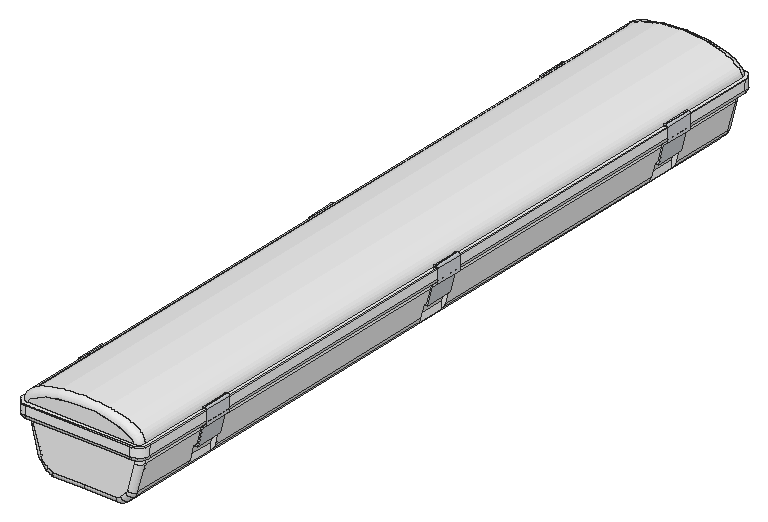
Revit family "0048734 Feilo Sylvania Lighting Fixture SYLPRF SUP LED G3 600MM S 4K QC", category Lighting Fixtures, host Face, Revit 2016
Family settings
  Host = Face
  Part Type = Normal
  Round Connector Dimension = Use Diameter
  OmniClass Number = 23.80.70.11.14
  OmniClass Title = General Luminaries, Directional
  Cut with Voids When Loaded = No
  Light Source = Yes
  Shared = No
  Room Calculation Point = No
Parameters (values of type "0048734 SYLPRF SUP LED G3 600MM S 4K QC  ")
  Width = 110 mm
  Weight = "1.12 kg"
  Wattage Comments = "n/a"
  Wattage = 14 W
  WarrantyStartDate [instance] = "n/a"
  WarrantyGuarantorParts = "n/a"
  WarrantyDurationUnit = "n/a"
  WarrantyDurationParts = "n/a"
  WarrantyDescription = "n/a"
  built-in parameter 1150110 = 1 (stored number, unit not read)
  Voltage = 230 V
  URL = "http://www.sylvania-lighting.com"
  TypeName = "SYLPRF SUP LED G3 600MM S 4K QC"
  Type Image = <None>
  Type Comments = "n/a"
  built-in parameter 1114217 = 1 (stored number, unit not read)
  Tilt Angle = -90.00°
  built-in parameter 1150109 = 1 (stored number, unit not read)
  built-in parameter 1150134 = 12
  built-in parameter 1150113 = 1 (stored number, unit not read)
  SerialNumber [instance] = "n/a"
  ReflectorMaterial = none
  PowerFactor = 0
  PowerConsumption = "14 W"
  Photometric Web File = "0048734.ies"
  NominalWidth = 0 mm
  NominalLength = 665 mm
  NominalHeight = 78 mm
  Name = "SYLPRF SUP LED G3 600MM S 4K QC"
  ModelReference = "SYLPRF SUP LED G3 600MM S 4K QC"
  ModelNumber = "0048734"
  Model = "SYLPRF SUP LED G3 600MM S 4K QC"
  Material = "grp housing, polycarbonate diffuser"
  ManufacturerName = "Feilo Sylvania"
  Manufacturer = "Feilo Sylvania"
  LuminousEfficacy = "130 lm/W"
  built-in parameter 1150105 = 144.83 (stored number, unit not read)
  Lumens = 1820 lm
  LuminaireType = ""
  built-in parameter 1150115 = 1 (stored number, unit not read)
  LightOutputRatio = "n/a"
  built-in parameter 1150137 = (empty or 0)
  built-in parameter 1150139 = (empty or 0)
  Length = 665 mm
  LampsType = Lamp  # "LED"
  LampNominalLuminous = "1850 lm"
  LampMacAdamStep = "3"
  LampColourTemperature = "4000 K"
  LampColourRenderingIndex = "80"
  built-in parameter 1150112 = 1 (stored number, unit not read)
  built-in parameter 1150114 = 1 (stored number, unit not read)
  Lamp = "LED"
  Keynote = "16500"
  InstallationDate [instance] = "n/a"
  InputVoltage = "220-240V~"
  InputNominalFrequency = "50/60 Hz"
  built-in parameter 1150132 = (empty or 0)
  built-in parameter 1150102 = (empty or 0)
  built-in parameter 1150107 = 4000 (stored number, unit not read)
  built-in parameter 1150138 = (empty or 0)
  IngressProtection = "IP65"
  ImpactProtectionIndex = "IK08"
  built-in parameter 1150106 = 1.4483 (stored number, unit not read)
  IfcExportType = "IfcLightFixtureType"
  IfcExportAs = "IfcLightFixtureType"
  ExpectedLife = 50000
  Emit from Rectangle Width = Width - 20 mm  # 90 mm
  Emit from Rectangle Length = Length - 20 mm  # 645 mm
  Emit Shape Visible in Rendering = no
  ElectricShockClassification = "Class I"
  built-in parameter 1150104 = 12.077 (stored number, unit not read)
  DurationUnit = "hours"
  DocumentationLiterature = "http://www.sylvania-lighting.com/product/en-int/products/0048734"
  DimmingControlOptions = "Non dimmable"
  Dimming Lamp Color Temperature Shift = <None>
  DiffuserMaterial = Diffuser-Sylvania-Transparent
  Description = "Sylproof Superia, integrated LED weatherproof luminaire with quick connector, with UV stabilized flat diffuser and linear prisms designed to achieve uniform lit appearance, optimise light output and to reduce glare, stainless steel diffuser clips and fixing brackets for surface and wall mounting. L 665 mm x W 110 mm x H 78 mm size, GRP housing, Polycarbonate diffuser, Non dimmable,   4000K, CRI80,  1850 lm, 14 W, 130 lm/W, nominal average life (h):50000, energy class: A++ A+ A Class I, IK08, IP65."
  Default Elevation = 1219.2 mm
  CreatedOn = "3/27/2018"
  CreatedBy = "aron.fodor@feilosylvania.com"
  Cost = 0
  Color Filter = 16777215
  built-in parameter 1114216 [instance] = (empty or 0)
  ClassificationValue = "EF_70_80"
  ClassificationName = "Uniclass2015"
  BracketOffset_FEILO = 360 mm
  BodyMaterial = Body-Sylvania-Gray
  BarCode [instance] = "n/a"
  built-in parameter 1114218 = 1 (stored number, unit not read)
  built-in parameter 1150133 = 10 (stored number, unit not read)
  AssetType = "Fixed"
  AssetIdentifier [instance] = "n/a"
  Assembly Code = "D5020200"
  Apparent Load = 14 VA
  AccessoryMaterial = Diffuser-Sylvania-Glow
Reference planes
  plane 1 "Center (Front/Back)": y = 0
  plane 2: z = 0
  plane 3 "Center (Left/Right)": x = 0
  plane 4: z = 54
  plane 5: x = -27.7
  plane 6: x = -34.8
  plane 7: x = -39.6
  plane 8: x = -42.2
  plane 9: z = 3
  plane 10: z = 7.8
  plane 11: z = 12.3
  plane 12: z = 36.6
  plane 13: z = 42.8
  plane 14: x = -51.1
  plane 15: z = 46.2
  plane 16: x = -55
  plane 17: y = 332.5
  plane 18: y = -332.5
  plane 19: x = 27.7
  plane 20: x = 34.8
  plane 21: x = 39.6
  plane 22: x = 42.2
  plane 23: x = 51.1
  plane 24: x = 55
  plane 25: y = 324.9
  plane 26: y = -324.9
  plane 27: y = -321.2
  plane 28: y = 321.2
  plane 29: z = 74
  plane 30: x = -51.5
  plane 31: x = 51.5
  plane 32: z = 55.2
  plane 33: y = -329
  plane 34: y = 329
  plane 35: x = -37.5
  plane 36: x = 37.5
  plane 37: x = -48.7
  plane 38: x = 48.7
  plane 39: z = 50.2
  plane 40: z = 24.6
  plane 41: y = 720
  plane 42: y = 706
  plane 43: y = 734
  plane 44: y = 250
  plane 45: y = 236
  plane 46: y = 264
  plane 47: y = 0
  plane 48: y = -14
  plane 49: y = 14
  plane 50: y = -250
  plane 51: y = -264
  plane 52: y = -236
Forms (mm)
  Sweep 1, solid, material "Body-Sylvania-Gray" <- "BodyMaterial", detail levels medium+fine
    path origin (1223.4, -4572, 54) x (0, -1, 0) y (1, 0, 0)
      loop
        arc (-4249.5, -1278.4) -> (-4242.429, -1275.471) -> (-4239.5, -1268.4) r 10
        line (-4239.5, -1268.4) -> (-4239.5, -1178.4)
        arc (-4239.5, -1178.4) -> (-4242.429, -1171.329) -> (-4249.5, -1168.4) r 10
        line (-4249.5, -1168.4) -> (-4894.5, -1168.4)
        arc (-4894.5, -1168.4) -> (-4901.571, -1171.329) -> (-4904.5, -1178.4) r 10
        line (-4904.5, -1178.4) -> (-4904.5, -1268.4)
        arc (-4904.5, -1268.4) -> (-4901.571, -1275.471) -> (-4894.5, -1278.4) r 10
        line (-4894.5, -1278.4) -> (-4249.5, -1278.4)
    profile origin (-55, 0, 54) x (-1, 0, 0) y (0, 0, 1)
      loop
        line (0, 0) -> (-1, 0) -> (-1, -7.726)
        arc (-1, -7.726) -> (-1.994, -9.498) -> (-3.9, -10.2) r 2.937
        line (-3.9, -10.2) -> (-8.571, -10.2) -> (-8.571, -11.2) -> (-3.9, -11.2)
        arc (-3.9, -11.2) -> (-1.313, -10.231) -> (0, -7.8) r 3.937
        line (0, -7.8) -> (0, 0)
  Sweep 2, solid, material "Body-Sylvania-Gray" <- "BodyMaterial", detail levels medium+fine
    path origin (0, 0, 0) x (1, 0, 0) y (0, 0, 1)
      loop
        line (48.7, 42.8) -> (48.7, 36.6) -> (42.203, 12.31)
        arc (42.203, 12.31) -> (41.199, 9.884) -> (39.6, 7.8) r 10.052
        line (39.6, 7.8) -> (34.8, 3)
        arc (34.8, 3) -> (31.554, 0.781) -> (27.7, 0) r 9.902
        line (27.7, 0) -> (0, 0) -> (-27.7, 0)
        arc (-27.7, 0) -> (-31.554, 0.781) -> (-34.8, 3) r 9.902
        line (-34.8, 3) -> (-39.6, 7.8)
        arc (-39.6, 7.8) -> (-41.199, 9.884) -> (-42.203, 12.31) r 10.052
        line (-42.203, 12.31) -> (-48.7, 36.6) -> (-48.7, 42.8)
    profile origin (0, 0, 0) x (0, 0, -1) y (0, -1, 0)
      loop
        arc (0, 319.9) -> (-1.464, 323.436) -> (-5, 324.9) r 5
        line (-5, 324.9) -> (-7.8, 324.9) -> (-7.8, -324.9) -> (-5, -324.9)
        arc (-5, -324.9) -> (-1.464, -323.436) -> (0, -319.9) r 5
        line (0, -319.9) -> (0, 319.9)
  Extrusion 3, solid, material "Body-Sylvania-Gray" <- "BodyMaterial", detail levels medium+fine
    sketch origin (1524, 324.9, 1219.2) x (1, 0, 0) y (0, 0, 1)
      loop
        arc (-1558.668, -1204.874) -> (-1558.443, -1205.418) -> (-1558.085, -1205.885) r 2.252
        line (-1558.085, -1205.885) -> (-1553.231, -1210.738)
        arc (-1553.231, -1210.738) -> (-1552.534, -1211.227) -> (-1551.7, -1211.4) r 2.102
        line (-1551.7, -1211.4) -> (-1496.3, -1211.4)
        arc (-1496.3, -1211.4) -> (-1495.466, -1211.227) -> (-1494.769, -1210.738) r 2.102
        line (-1494.769, -1210.738) -> (-1489.915, -1205.885)
        arc (-1489.915, -1205.885) -> (-1489.557, -1205.418) -> (-1489.332, -1204.874) r 2.252
        line (-1489.332, -1204.874) -> (-1483.1, -1181.575) -> (-1483.1, -1176.4) -> (-1564.9, -1176.4) -> (-1564.9, -1181.575) -> (-1558.668, -1204.874)
    from 0 to 649.8
  Sweep 4, solid, material "Diffuser-Sylvania-Transparent" <- "DiffuserMaterial", detail levels medium+fine
    path origin (0, 0, 0) x (1, 0, 0) y (0, 0, 1)
      loop
        spline (-51.5, 55.2) -> (-49.745, 60.066) -> (-44.6, 64.6) -> (-36.416, 68.494) -> (-25.75, 71.481) -> (-13.329, 73.359) -> (0, 74) -> (13.329, 73.359) -> (25.75, 71.481) -> (36.416, 68.494) -> (44.6, 64.6) -> (49.745, 60.066) -> (51.5, 55.2)
    profile origin (51.5, 0, 55.2) x (0, -1, 0) y (1, 0, 0)
      loop
        arc (329, -5.5) -> (327.389, -1.611) -> (323.5, 0) r 5.5
        line (323.5, 0) -> (-323.5, 0)
        arc (-323.5, 0) -> (-327.389, -1.611) -> (-329, -5.5) r 5.5
        line (-329, -5.5) -> (-329, -6.3) -> (-328, -6.3) -> (-328, -5.5)
        arc (-328, -5.5) -> (-326.682, -2.318) -> (-323.5, -1) r 4.5
        line (-323.5, -1) -> (323.5, -1)
        arc (323.5, -1) -> (326.682, -2.318) -> (328, -5.5) r 4.5
        line (328, -5.5) -> (328, -6.347) -> (329, -6.347) -> (329, -5.5)
  Extrusion 5, solid, material "Diffuser-Sylvania-Transparent" <- "DiffuserMaterial", detail levels medium+fine
    sketch origin (1524, -329, 1219.2) x (1, 0, 0) y (0, 0, 1)
      loop
        line (-1569.653, -1164) -> (-1478.347, -1164)
        spline (-1478.347, -1164) -> (-1478.969, -1162.594) -> (-1482.527, -1159.545) -> (-1489.588, -1156.201) -> (-1499.458, -1153.445) -> (-1511.242, -1151.663) -> (-1524, -1151.049) -> (-1536.758, -1151.663) -> (-1548.542, -1153.445) -> (-1558.412, -1156.201) -> (-1565.473, -1159.545) -> (-1569.031, -1162.594) -> (-1569.653, -1164)
    from 0 to -1
  Extrusion 6, solid, material "Diffuser-Sylvania-Transparent" <- "DiffuserMaterial", detail levels medium+fine
    sketch origin (1524, 329, 1219.2) x (1, 0, 0) y (0, 0, 1)
      loop
        spline (-1478.3, -1164) -> (-1478.931, -1162.565) -> (-1482.502, -1159.505) -> (-1489.572, -1156.155) -> (-1499.446, -1153.394) -> (-1511.236, -1151.614) -> (-1524, -1151.007) -> (-1536.764, -1151.614) -> (-1548.554, -1153.394) -> (-1558.428, -1156.155) -> (-1565.498, -1159.505) -> (-1569.069, -1162.565) -> (-1569.7, -1164)
        line (-1569.7, -1164) -> (-1478.3, -1164)
    from 0 to 1
  Extrusion 7, solid, material "Diffuser-Sylvania-Transparent" <- "DiffuserMaterial", detail levels medium+fine
    sketch origin (1223.4, -4572, 55.2) x (0, -1, 0) y (-1, 0, 0)
      loop
        arc (-4900, 1177.4) -> (-4898.682, 1174.218) -> (-4895.5, 1172.9) r 4.5
        line (-4895.5, 1172.9) -> (-4248.5, 1172.9)
        arc (-4248.5, 1172.9) -> (-4245.318, 1174.218) -> (-4244, 1177.4) r 4.5
        line (-4244, 1177.4) -> (-4244, 1269.4)
        arc (-4244, 1269.4) -> (-4245.318, 1272.582) -> (-4248.5, 1273.9) r 4.5
        line (-4248.5, 1273.9) -> (-4895.5, 1273.9)
        arc (-4895.5, 1273.9) -> (-4898.682, 1272.582) -> (-4900, 1269.4) r 4.5
        line (-4900, 1269.4) -> (-4900, 1177.4)
      loop
        line (-4904.5, 1268.4) -> (-4904.5, 1178.4)
        arc (-4904.5, 1178.4) -> (-4901.571, 1171.329) -> (-4894.5, 1168.4) r 10
        line (-4894.5, 1168.4) -> (-4249.5, 1168.4)
        arc (-4249.5, 1168.4) -> (-4242.429, 1171.329) -> (-4239.5, 1178.4) r 10
        line (-4239.5, 1178.4) -> (-4239.5, 1268.4)
        arc (-4239.5, 1268.4) -> (-4242.429, 1275.471) -> (-4249.5, 1278.4) r 10
        line (-4249.5, 1278.4) -> (-4894.5, 1278.4)
        arc (-4894.5, 1278.4) -> (-4901.571, 1275.471) -> (-4904.5, 1268.4) r 10
    from 0 to 1.2
  Extrusion 8, solid, material "Diffuser-Sylvania-Glow" <- "AccessoryMaterial", detail levels fine
    sketch origin (0, 0, 0) x (1, 0, 0) y (0, 0, 1)
      loop
        circle (0, 50.2) r 8
    from -321.2 to 321.2
  Extrusion 9, solid, material "Body-Sylvania-Gray" <- "BodyMaterial", detail levels coarse
    sketch origin (0, 0, 0) x (1, 0, 0) y (0, 0, 1)
      loop
        line (55, 42.8) -> (55, 55.2) -> (-55, 55.2) -> (-55, 42.791) -> (-42.2, 0) -> (42.2, 0) -> (55, 42.8)
    from -332.5 to 332.5
  Extrusion 10, solid, material "Diffuser-Sylvania-Transparent" <- "DiffuserMaterial", detail levels coarse
    sketch origin (0, 0, 0) x (1, 0, 0) y (0, 0, 1)
      loop
        arc (51.5, 55.2) -> (0, 74) -> (-51.5, 55.2) r 79.939
        line (-51.5, 55.2) -> (51.5, 55.2)
    from 324.9 to -324.9
  Extrusion 11, void, not visible
    sketch origin (0, 720, 2343.807) x (0, 0, -1) y (-1, 0, 0)
      loop
        line (2340.807, -37.5) -> (2331.507, -37.5) -> (2319.207, -42.2) -> (2319.207, -48.7) -> (2340.807, -48.7) -> (2340.807, -37.5)
      loop
        line (2340.807, 37.5) -> (2340.807, 48.7) -> (2319.207, 48.7) -> (2319.207, 42.2) -> (2331.507, 37.5) -> (2340.807, 37.5)
    from -14 to 14
  Extrusion 12, void
    sketch origin (0, 250, 2343.807) x (0, 0, -1) y (-1, 0, 0)
      loop
        line (2340.807, -37.5) -> (2331.507, -37.5) -> (2319.207, -42.2) -> (2319.207, -48.7) -> (2340.807, -48.7) -> (2340.807, -37.5)
      loop
        line (2340.807, 37.5) -> (2340.807, 48.7) -> (2319.207, 48.7) -> (2319.207, 42.2) -> (2331.507, 37.5) -> (2340.807, 37.5)
    from -14 to 14
  Extrusion 13, void
    sketch origin (0, 0, 2343.807) x (0, 0, -1) y (-1, 0, 0)
      loop
        line (2340.807, -37.5) -> (2331.507, -37.5) -> (2319.207, -42.2) -> (2319.207, -48.7) -> (2340.807, -48.7) -> (2340.807, -37.5)
      loop
        line (2340.807, 37.5) -> (2340.807, 48.7) -> (2319.207, 48.7) -> (2319.207, 42.2) -> (2331.507, 37.5) -> (2340.807, 37.5)
    from -14 to 14
  Extrusion 14, void
    sketch origin (0, -250, 2343.807) x (0, 0, -1) y (-1, 0, 0)
      loop
        line (2340.807, -37.5) -> (2331.507, -37.5) -> (2319.207, -42.2) -> (2319.207, -48.7) -> (2340.807, -48.7) -> (2340.807, -37.5)
      loop
        line (2340.807, 37.5) -> (2340.807, 48.7) -> (2319.207, 48.7) -> (2319.207, 42.2) -> (2331.507, 37.5) -> (2340.807, 37.5)
    from -14 to 14
Cuts and joins
  Extrusion 12, Extrusion 13, Extrusion 14 cuts Sweep 2
  Extrusion 12, Extrusion 13, Extrusion 14 cuts Extrusion 3
  joined: Sweep 2, Extrusion 3
  joined: Sweep 4, Extrusion 5, Extrusion 6
Dimensions and locks
  locked: plane 4 to plane 2 at 54
  plane 5 to plane 6 to plane 7 to plane 8 to plane 14 to plane 16 = 7.1 mm locked, 4.8 mm locked, 2.6 mm locked, 8.9 mm, 3.9 mm
  plane 4 to plane 15 to plane 13 to plane 12 to plane 11 to plane 10 to plane 9 = 7.8 mm locked, 3.4 mm, 6.2 mm locked, 24.3 mm locked, 4.5 mm locked, 4.8 mm locked
  equal spacing: plane 18, plane 1 "Center (Front/Back)", plane 17
  "Length": plane 18 to plane 17
  plane 19 to plane 20 to plane 21 to plane 22 to plane 23 to plane 24 = 7.1 mm locked, 4.8 mm locked, 2.6 mm locked, 8.9 mm, 3.9 mm
  equal spacing: plane 24, plane 3 "Center (Left/Right)", plane 16
  "Width": plane 24 to plane 16
  equal spacing: plane 27, plane 1 "Center (Front/Back)", plane 28
  locked: plane 26 to plane 27 at 3.7
  locked: Sweep 1 sketch curve to profile plane at 1
  locked: Sweep 1 sketch curve to plane 13 at 1
  locked: Sweep 1 sketch curve to plane 13 at 3.937  (x2)
  locked: Sweep 1 sketch curve to profile plane at 3.9  (x2)
  locked: plane 29 to plane 4 at 20
  equal spacing: plane 31, plane 3 "Center (Left/Right)", plane 30
  locked: plane 30 to plane 16 at 3.5
  locked: plane 32 to plane 4 at 1.2
  equal spacing: plane 33, plane 1 "Center (Front/Back)", plane 34
  equal spacing: plane 36, plane 3 "Center (Left/Right)", plane 35
  locked: plane 3 "Center (Left/Right)" to plane 35 at 37.5
  locked: plane 34 to plane 17 at 3.5
  equal spacing: plane 38, plane 3 "Center (Left/Right)", plane 37
  locked: plane 37 to plane 16 at 6.3
  equal spacing: plane 25, plane 1 "Center (Front/Back)", plane 26
  locked: plane 17 to plane 25 at 7.6
  locked: Sweep 2 sketch curve to plane 2 at 5  (x2)
  locked: Sweep 2 sketch curve to plane 26 at 5
  locked: plane 25 to Sweep 2 sketch curve at 5
  locked: Sweep 4 sketch curve to plane 31 at 5.5  (x2)
  locked: Sweep 4 sketch curve to plane 34 at 5.5
  plane 33 to Sweep 4 sketch curve = 5.5 mm
  locked: plane 34 to Sweep 4 sketch curve at 1
  locked: Sweep 4 sketch curve to plane 31 at 1
  locked: Sweep 4 sketch curve to Sweep 4 sketch curve at 1
  locked: Sweep 4 sketch curve to plane 31 at 6.347
  locked: Sweep 4 sketch curve to plane 31 at 6.3
  locked: plane 40 to plane 2 at 24.6
  plane 43 to plane 41 to plane 42 = 14 mm locked, 14 mm locked
  plane 46 to plane 44 to plane 45 = 14 mm locked, 14 mm locked
  plane 49 to plane 47 to plane 48 = 14 mm locked, 14 mm locked
  plane 52 to plane 50 to plane 51 = 14 mm locked, 14 mm locked
  equal spacing: plane 44, plane 1 "Center (Front/Back)", plane 50
  locked: plane 44 to plane 1 "Center (Front/Back)" at 250
  aligned and locked: plane 2 to host face
  aligned and locked: level to host face
  aligned and locked: plane 16 to Sweep 1 sketch curve
  aligned and locked: Sweep 1 sketch curve to plane 24
  aligned and locked: plane 18 to Sweep 1 sketch curve
  aligned and locked: Sweep 1 sketch curve to plane 13
  aligned and locked: profile plane to Sweep 1 sketch curve
  aligned and locked: plane 3 "Center (Left/Right)" to Sweep 2 sketch curve
  aligned and locked: plane 9 to Sweep 2 sketch curve
  aligned and locked: plane 10 to Sweep 2 sketch curve
  aligned and locked: plane 37 to Sweep 2 sketch curve
  aligned and locked: plane 12 to Sweep 2 sketch curve
  aligned and locked: Sweep 2 sketch curve to level
  aligned and locked: plane 21 to Sweep 2 sketch curve
  aligned and locked: plane 38 to Sweep 2 sketch curve
  aligned and locked: profile plane to Sweep 2 sketch curve
  aligned and locked: plane 25 to Sweep 2 sketch curve
  aligned and locked: Sweep 2 sketch curve to plane 10
  aligned and locked: Extrusion 3 sketch curve to Sweep 2  (x7)
  aligned and locked: Sweep 2 to Extrusion 3 sketch curve
  aligned and locked: Extrusion 3 to plane 25
  aligned and locked: plane 26 to Extrusion 3
  aligned and locked: plane 32 to Sweep 4 sketch curve
  aligned and locked: plane 33 to Sweep 4 sketch curve
  aligned and locked: Sweep 4 to Extrusion 5
  aligned and locked: plane 33 to Extrusion 5
  aligned and locked: Extrusion 5 sketch curve to Sweep 4
  aligned and locked: cut or joined group of Sweep 4, Extrusion 5, Extrusion 6 to Extrusion 6 sketch curve
  aligned and locked: Extrusion 7 sketch curve to cut or joined group of Sweep 4, Extrusion 5, Extrusion 6  (x2)
  aligned and locked: cut or joined group of Sweep 4, Extrusion 5, Extrusion 6 to Extrusion 7 sketch curve  (x2)
  aligned and locked: plane 39 to Extrusion 8 sketch curve
  aligned and locked: plane 27 to Extrusion 8
  aligned and locked: Extrusion 8 to plane 28
  aligned and locked: Extrusion 7 sketch curve to Sweep 1  (x4)
  aligned and locked: plane 4 to Extrusion 7
  aligned and locked: Extrusion 7 to plane 32
  aligned and locked: Extrusion 9 sketch curve to plane 24
  aligned and locked: Extrusion 9 sketch curve to Extrusion 7
  aligned and locked: plane 8 to Extrusion 9 sketch curve
  aligned and locked: plane 22 to Extrusion 9 sketch curve
  aligned and locked: level to Extrusion 9 sketch curve
  aligned and locked: Extrusion 9 to plane 17
  aligned and locked: plane 18 to Extrusion 9
  aligned and locked: cut or joined group of Sweep 4, Extrusion 5, Extrusion 6 to Extrusion 10 sketch curve
  aligned and locked: Extrusion 10 sketch curve to cut or joined group of Sweep 4, Extrusion 5, Extrusion 6  (x2)
  aligned and locked: plane 31 to Extrusion 10 sketch curve
  aligned and locked: plane 30 to Extrusion 10 sketch curve
  aligned and locked: plane 26 to Extrusion 10
  aligned and locked: Extrusion 10 to plane 25
  aligned and locked: imposter light to plane 29
  aligned and locked: plane 3 "Center (Left/Right)" to imposter light
  aligned and locked: plane 1 "Center (Front/Back)" to imposter light
  aligned and locked: plane 45 to Extrusion 12
  aligned and locked: Extrusion 12 to plane 46
  aligned and locked: plane 48 to Extrusion 13
  aligned and locked: Extrusion 13 to plane 49
  aligned and locked: plane 51 to Extrusion 14
  aligned and locked: Extrusion 14 to plane 52
  aligned and locked: nested 1 to plane 44
  aligned and locked: plane 44 to nested 6
  aligned and locked: nested 2 to plane 47
  aligned and locked: plane 47 to nested 5
  aligned and locked: nested 3 to plane 50
  aligned and locked: plane 50 to nested 4
  aligned and locked: plane 47 to plane 1 "Center (Front/Back)"
  aligned and locked: plane 3 "Center (Left/Right)" to Extrusion 8 sketch curve
Automatic sketch dimensions
  host sketch curve to host sketch curve = 2438.4 mm  (x2)
  plane 17 to Sweep 1 sketch curve = 0 mm
  Sweep 1 sketch curve to plane 28 = 1.3 mm
  Sweep 1 sketch curve to plane 7 = 5.4 mm
  plane 27 to Sweep 1 sketch curve = 1.3 mm  (x2)
  Sweep 1 sketch curve to Sweep 1 sketch curve = 4.671 mm
  Sweep 1 sketch curve to plane 4 = 0 mm
  Sweep 2 sketch curve to plane 7 = 0 mm
  Sweep 2 sketch curve to plane 6 = 0 mm
  Sweep 2 sketch curve to plane 5 = 0 mm
  plane 19 to Sweep 2 sketch curve = 0 mm
  Sweep 2 sketch curve to plane 9 = 0 mm
  plane 20 to Sweep 2 sketch curve = 0 mm
  Sweep 2 sketch curve to plane 12 = 0 mm
  Sweep 2 sketch curve to plane 10 = 0 mm
  Sweep 2 sketch curve to plane 13 = 0 mm  (x2)
  Sweep 2 sketch curve to plane 8 = 0.003 mm
  plane 6 to Sweep 2 sketch curve = 2.308 mm
  plane 20 to Sweep 2 sketch curve = 2.308 mm
  Sweep 2 sketch curve to plane 22 = 0.003 mm
  Sweep 2 sketch curve to plane 11 = 0.01 mm  (x2)
  Extrusion 3 sketch curve to plane 5 = 0 mm
  plane 19 to Extrusion 3 sketch curve = 0 mm
  plane 6 to Extrusion 3 sketch curve = 0.132 mm
  plane 6 to Extrusion 3 sketch curve = 0.715 mm
  Extrusion 3 sketch curve to Extrusion 3 sketch curve = 1.592 mm
  Extrusion 3 sketch curve to plane 10 = 0.662 mm  (x2)
  plane 20 to Extrusion 3 sketch curve = 2.308 mm
  plane 20 to Extrusion 3 sketch curve = 0.715 mm
  plane 20 to Extrusion 3 sketch curve = 0.132 mm
  Sweep 4 sketch curve to plane 30 = 0 mm
  Sweep 4 sketch curve to plane 3 "Center (Left/Right)" = 0 mm
  Sweep 4 sketch curve to Sweep 4 sketch curve = 0 mm  (x2)
  plane 37 to Extrusion 5 sketch curve = 3.047 mm
  Extrusion 5 sketch curve to plane 38 = 3.047 mm
  plane 37 to Extrusion 6 sketch curve = 3 mm
  Extrusion 6 sketch curve to plane 38 = 3 mm
  plane 25 to Extrusion 7 sketch curve = 1.4 mm  (x2)
  Extrusion 7 sketch curve to plane 26 = 1.4 mm  (x2)
  Extrusion 9 sketch curve to plane 13 = 0 mm
  plane 13 to Extrusion 9 sketch curve = 0.009 mm
  Extrusion 10 sketch curve to level = 5.939 mm
  Extrusion 9 sketch curve to plane 16 = 0 mm
  Extrusion 11 sketch curve to Extrusion 11 sketch curve = 0 mm
  Extrusion 11 sketch curve to Extrusion 11 sketch curve = 12.3 mm  (x2)
  Extrusion 11 sketch curve to Extrusion 11 sketch curve = 9.3 mm  (x2)
  Extrusion 11 sketch curve to Extrusion 11 sketch curve = 6.5 mm
  Extrusion 11 sketch curve to Extrusion 11 sketch curve = 4.7 mm  (x2)
  Extrusion 11 sketch curve to Extrusion 11 sketch curve = 75 mm
  Extrusion 11 sketch curve to Extrusion 11 sketch curve = 11.2 mm
  Extrusion 12 sketch curve to Extrusion 12 sketch curve = 0 mm
  Extrusion 12 sketch curve to Extrusion 12 sketch curve = 12.3 mm  (x2)
  Extrusion 12 sketch curve to Extrusion 12 sketch curve = 9.3 mm  (x2)
  Extrusion 12 sketch curve to Extrusion 12 sketch curve = 6.5 mm
  Extrusion 12 sketch curve to Extrusion 12 sketch curve = 4.7 mm  (x2)
  Extrusion 12 sketch curve to Extrusion 12 sketch curve = 75 mm
  Extrusion 12 sketch curve to Extrusion 12 sketch curve = 11.2 mm
  Extrusion 13 sketch curve to Extrusion 13 sketch curve = 0 mm
  Extrusion 13 sketch curve to Extrusion 13 sketch curve = 12.3 mm  (x2)
  Extrusion 13 sketch curve to Extrusion 13 sketch curve = 9.3 mm  (x2)
  Extrusion 13 sketch curve to Extrusion 13 sketch curve = 6.5 mm
  Extrusion 13 sketch curve to Extrusion 13 sketch curve = 4.7 mm  (x2)
  Extrusion 13 sketch curve to Extrusion 13 sketch curve = 75 mm
  Extrusion 13 sketch curve to Extrusion 13 sketch curve = 11.2 mm
  Extrusion 14 sketch curve to Extrusion 14 sketch curve = 0 mm
  Extrusion 14 sketch curve to Extrusion 14 sketch curve = 12.3 mm  (x2)
  Extrusion 14 sketch curve to Extrusion 14 sketch curve = 9.3 mm  (x2)
  Extrusion 14 sketch curve to Extrusion 14 sketch curve = 6.5 mm
  Extrusion 14 sketch curve to Extrusion 14 sketch curve = 4.7 mm  (x2)
  Extrusion 14 sketch curve to Extrusion 14 sketch curve = 75 mm
  Extrusion 14 sketch curve to Extrusion 14 sketch curve = 11.2 mm
  radius of Extrusion 8 sketch curve = 8 mm
Nested families
  nested 1: "Clip" at (-42.2, 250, 24.6) x (-1, 0, 0) z (0, 0, 1), type "Clip", detail levels fine
  nested 2: "Clip" at (-42.2, 0, 24.6) x (-1, 0, 0) z (0, 0, 1), type "Clip", detail levels fine
  nested 3: "Clip" at (-42.2, -250, 24.6) x (-1, 0, 0) z (0, 0, 1), type "Clip", detail levels fine
  nested 4: "Clip" at (42.2, -250, 24.6), type "Clip", detail levels fine
  nested 5: "Clip" at (42.2, 0, 24.6), type "Clip", detail levels fine
  nested 6: "Clip" at (42.2, 250, 24.6), type "Clip", detail levels fine
Connectors
  electrical at (0, 0, 0), driven by "Apparent Load"
    settings: index 1, voltage 230 V, apparent load 14 VA, apparent load phase1 0 VA, apparent load phase2 0 VA, apparent load phase3 0 VA, power factor 0, load classification "Lighting", number of poles 1, system type 30, power factor state 1, is connector primary yes, connector utility no, sub classification motor no, connector description ""
Definition of nested family "Clip"
  Parameters (values of type "Clip")
    URL = "http://www.feilosylvania.com"
    Type Comments = "n/a"
    Model = "n/a"
    Manufacturer = "Feilo Sylvania"
    Keynote = "n/a"
    Description = "n/a"
    Default Elevation = 1219.2 mm
    Cost = 0
    BodyMaterial = none
    Assembly Code = "n/a"
  Reference planes
    plane 1 "Center (Front/Back)": y = 0
    plane 2: z = 0
    plane 3 "Center (Left/Right)": x = 0
    plane 4: x = 3.3
    plane 5: x = 6.5
    plane 6: x = 8.9
    plane 7: x = 12.8
    plane 8: z = 12
    plane 9: z = 18.2
    plane 10: z = 21.6
    plane 11: z = 30.6
    plane 12: x = 9.3
    plane 13: z = 19.2
    plane 14: z = 16.2
    plane 15: x = 10.1
    plane 16: y = 12
    plane 17: y = -12
  Forms (mm)
    Extrusion 1, solid
      sketch origin (-0.8, 0, 0) x (1, 0, 0) y (0, 1, 0)
        loop
          line (-1219.2, 1219.2) -> (-1219.2, -1219.2) -> (1219.2, -1219.2) -> (1219.2, 1219.2) -> (-1219.2, 1219.2)
      from 0 to -304.8
    Extrusion 2, solid
      sketch origin (0, 0, 0) x (1, 0, 0) y (0, 0, 1)
        loop
          line (8.9, 16.2) -> (4.58, 0) -> (0, 0) -> (0, -0.8) -> (5.195, -0.8) -> (9.603, 15.731) -> (13.6, 18.806) -> (13.6, 30.6)
          arc (13.6, 30.6) -> (11.45, 32.75) -> (9.3, 30.6) r 2.15
          line (9.3, 30.6) -> (10.1, 30.6)
          arc (10.1, 30.6) -> (11.45, 31.95) -> (12.8, 30.6) r 1.35
          line (12.8, 30.6) -> (12.8, 19.2) -> (8.9, 16.2)
      from -12 to 12
  Lines and regions (mm)
    reference lines
      curve 1: line (3.3, 0, 0) -> (6.5, 0, 12)
      curve 2: arc (8.9, 0, 18.2) -> (11.488, 0, 19.169) -> (12.8, 0, 21.6) r 3.934
  Dimensions and locks
    plane 7 to plane 6 to plane 5 to plane 4 to plane 3 "Center (Left/Right)" = 3.9 mm locked, 2.4 mm locked, 3.2 mm locked, 3.3 mm locked
    plane 11 to plane 10 to plane 9 to plane 8 to plane 2 = 9 mm locked, 3.4 mm locked, 6.2 mm locked, 12 mm locked
    locked: plane 7 to plane 12 at 3.5
    locked: plane 13 to plane 9 at 1
    locked: plane 9 to plane 14 at 2
    locked: plane 15 to plane 12 at 0.8
    locked: plane 2 to Extrusion 2 sketch curve at 0.8
    locked: Extrusion 2 sketch curve to Extrusion 2 sketch curve at 0.8  (x3)
    locked: plane 7 to Extrusion 2 sketch curve at 1.35
    equal spacing: plane 17, plane 1 "Center (Front/Back)", plane 16
    locked: plane 1 "Center (Front/Back)" to plane 16 at 12
    aligned and locked: plane 2 to Extrusion 1
    aligned and locked: level to Extrusion 1
    aligned and locked: plane 4 to curve 1
    aligned and locked: plane 5 to curve 1
    aligned and locked: plane 6 to curve 2
    aligned and locked: plane 10 to curve 2
    aligned and locked: plane 14 to Extrusion 2 sketch curve
    aligned and locked: plane 13 to Extrusion 2 sketch curve
    aligned and locked: plane 7 to Extrusion 2 sketch curve
    aligned and locked: plane 3 "Center (Left/Right)" to Extrusion 2 sketch curve
    aligned and locked: Extrusion 2 sketch curve to level
    aligned and locked: Extrusion 2 sketch curve to plane 11
    aligned and locked: plane 11 to Extrusion 2 sketch curve
    aligned and locked: Extrusion 2 to plane 16
    aligned and locked: plane 17 to Extrusion 2
  Automatic sketch dimensions
    Extrusion 1 sketch curve to Extrusion 1 sketch curve = 2438.4 mm  (x2)
    curve 2 to plane 7 = 0 mm
    curve 1 to level = 0 mm
    curve 1 to plane 8 = 0 mm
    curve 2 to plane 9 = 0 mm
    plane 6 to curve 2 = 0.002 mm
    Extrusion 2 sketch curve to Extrusion 2 sketch curve = 0 mm
    Extrusion 2 sketch curve to plane 6 = 0 mm
    plane 4 to Extrusion 2 sketch curve = 1.28 mm
